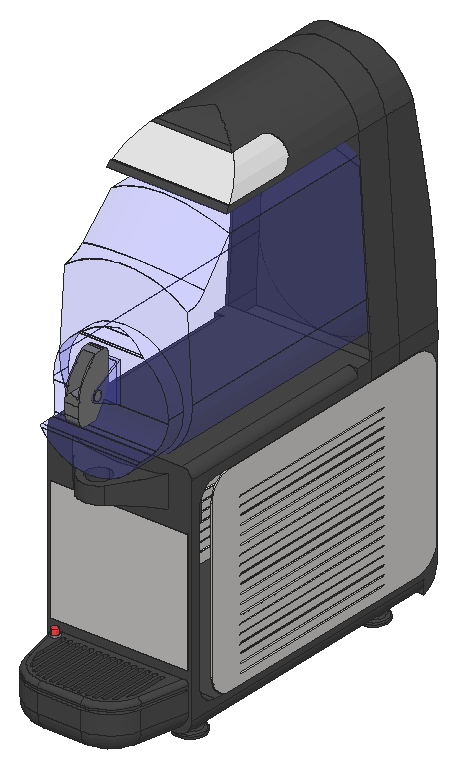
Revit family "QF_Vollrath_VCBF118-37", category Specialty Equipment, Revit 2016 (continued)
Definition of nested family "QF_Stoeling_FBG_Drain Dish"
  Automatic sketch dimensions
    plane 8 to curve 12 = 0.54293"
    curve 11 to plane 11 "Center LR" = 1.14436"
    plane 4 "FRONT" to curve 12 = 1.56768"
    plane 11 "Center LR" to curve 13 = 1.14436"
    plane 4 "FRONT" to curve 14 = 2.000"
    curve 14 to plane 9 = 0.54293"
    plane 1 "BACK" to curve 15 = 0.000"
    curve 15 to plane 9 = 0.000"
    plane 8 to curve 17 = 1.265"
    curve 17 to curve 19 = 0.125"
    plane 1 "BACK" to curve 18 = 0.500"
    plane 4 "FRONT" to curve 18 = 0.86495"
    curve 18 to curve 17 = 0.27743"
    curve 20 to curve 21 = 0.500"
    curve 21 to curve 23 = 0.1325"
    curve 23 to curve 22 = 0.1175"
    plane 4 "FRONT" to curve 22 = 0.51784"
    plane 1 "BACK" to curve 22 = 0.500"
    curve 24 to curve 26 = 0.500"
    curve 25 to curve 25 = 0.125"
    plane 4 "FRONT" to curve 26 = 0.500"
    curve 31 to plane 11 "Center LR" = 0.000"
    curve 29 to curve 31 = 0.125"
    plane 1 "BACK" to curve 30 = 0.500"
    curve 30 to curve 34 = 0.500"
    curve 33 to curve 33 = 0.125"
    plane 4 "FRONT" to curve 34 = 0.500"
    curve 36 to curve 38 = 0.500"
    curve 37 to curve 37 = 0.1175"
    curve 36 to curve 38 = 0.01784"
    curve 37 to curve 37 = 0.06125"
    plane 1 "BACK" to curve 38 = 0.500"
    curve 40 to curve 42 = 0.500"
    curve 41 to curve 41 = 0.125"
    curve 37 to curve 42 = 0.28586"
    curve 42 to curve 43 = 0.27743"
    Extrusion 3 sketch curve to plane 4 "FRONT" = 0.000"
    Extrusion 3 sketch curve to plane 11 "Center LR" = 0.000"
    plane 1 "BACK" to Extrusion 3 sketch curve = 0.000"
    Extrusion 3 sketch curve to plane 9 = 0.000"
    Extrusion 3 sketch curve to plane 8 = 0.000"
    plane 4 "FRONT" to Extrusion 3 sketch curve = 0.500"
    Extrusion 3 sketch curve to Extrusion 3 sketch curve = 0.000"  (x17)
    Extrusion 3 sketch curve to Extrusion 3 sketch curve = 0.06125"  (x2)
    Extrusion 3 sketch curve to Extrusion 3 sketch curve = 0.18889"
    Extrusion 3 sketch curve to Extrusion 3 sketch curve = 0.09697"  (x2)
    Extrusion 3 sketch curve to Extrusion 3 sketch curve = 0.27743"  (x2)
    Extrusion 3 sketch curve to plane 9 = 0.54293"
    Extrusion 3 sketch curve to Extrusion 3 sketch curve = 0.42531"  (x2)
    Extrusion 3 sketch curve to Extrusion 3 sketch curve = 0.31311"  (x2)
    Extrusion 3 sketch curve to Extrusion 3 sketch curve = 0.250"  (x7)
    Extrusion 3 sketch curve to Extrusion 3 sketch curve = 0.125"  (x17)
    Extrusion 3 sketch curve to Extrusion 3 sketch curve = 0.16435"  (x2)
    plane 11 "Center LR" to Extrusion 3 sketch curve = 0.125"
    Extrusion 3 sketch curve to Extrusion 3 sketch curve = 0.1175"
    Extrusion 3 sketch curve to Extrusion 3 sketch curve = 0.09607"
    Extrusion 3 sketch curve to Extrusion 3 sketch curve = 0.21557"  (x2)
    plane 1 "BACK" to Extrusion 3 sketch curve = 0.500"  (x5)
    Extrusion 3 sketch curve to plane 9 = 0.890"
    Extrusion 3 sketch curve to Extrusion 3 sketch curve = 0.08565"
    Extrusion 3 sketch curve to Extrusion 3 sketch curve = 0.34405"  (x2)
    Extrusion 3 sketch curve to plane 11 "Center LR" = 0.80031"
    Extrusion 3 sketch curve to Extrusion 3 sketch curve = 0.04861"
    Extrusion 3 sketch curve to Extrusion 3 sketch curve = 0.01784"  (x2)
    Extrusion 3 sketch curve to Extrusion 3 sketch curve = 0.12564"
    curve 46 to curve 17 = 0.375"
    curve 45 to curve 45 = 0.125"
    curve 45 to curve 17 = 0.000"
    curve 12 to curve 46 = 0.74543"
    curve 17 to curve 47 = 0.21557"
    curve 19 to curve 50 = 0.125"
    curve 49 to curve 49 = 0.125"
    curve 49 to curve 21 = 0.000"
    curve 50 to curve 20 = 0.09697"
    curve 23 to curve 51 = 0.04861"
    curve 22 to curve 54 = 0.125"
    curve 53 to curve 53 = 0.12564"
    curve 22 to curve 54 = 0.000"
    curve 53 to curve 28 = 0.125"
    curve 24 to curve 54 = 0.000"
    curve 55 to curve 25 = 0.000"
    curve 25 to curve 58 = 0.125"
    curve 57 to curve 57 = 0.125"
    curve 57 to curve 32 = 0.000"
    curve 27 to curve 58 = 0.000"
    curve 59 to curve 31 = 0.000"
    curve 30 to curve 62 = 0.125"
    curve 61 to curve 61 = 0.125"
    curve 30 to curve 62 = 0.000"  (x2)
    curve 63 to curve 33 = 0.000"
    curve 33 to curve 65 = 0.125"
    curve 65 to curve 66 = 0.125"
    curve 33 to curve 65 = 0.000"
    curve 36 to curve 65 = 0.000"
    curve 67 to curve 37 = 0.000"
    curve 37 to curve 70 = 0.125"
    curve 70 to curve 69 = 0.08565"
    curve 37 to curve 70 = 0.04861"
    curve 70 to curve 69 = 0.14028"
    curve 40 to curve 70 = 0.000"
    curve 71 to curve 41 = 0.000"
    curve 41 to curve 74 = 0.125"
    curve 73 to curve 73 = 0.125"
    curve 41 to curve 73 = 0.000"
    curve 44 to curve 74 = 0.21557"
    curve 15 to curve 75 = 0.74543"
    plane 1 "BACK" to Extrusion 6 sketch curve = 0.38831"
    plane 8 to Extrusion 6 sketch curve = 0.48912"
    radius of Extrusion 6 sketch curve = 0.250"
    radius of Extrusion 7 sketch curve to Extrusion 6 = 0.07321"
Definition of nested family "QF_Stoelting_FBG Tops_6 Liter - F"
  Parameters
    Width = 7.750"
    Watermarked By = ""
    Description = ""
  Reference planes (in)
    plane 1 "BACK": y = 0
    plane 2: z = 0
    plane 3 "LEFT": x = -16.54073
    plane 4 "FRONT": y = -19.5
    plane 5 "RIGHT": x = -8.79073
    plane 6 "TOP": z = 12.26
    plane 7 "Center LR": x = -12.66573
    plane 8 "Center Elev of Front": z = 3.9375
    plane 9 "Inside Back": y = -2.5625
    plane 10 "Handle Mount Back": y = -16.875
    plane 11: y = -15.875
    plane 12 "Spigot Cover Front": y = -18.5
    plane 13: y = -18.3125
    plane 14 "Spigot Cover Top": z = 1.375
    plane 15 "Spigot Cover Bottom": z = -1.25
    plane 16 "Spigot Cover Back": y = -15.5
    plane 17 "Spigot Cover Left": x = -15.85323
    plane 18 "Spigot Cover Right": x = -9.47823
    plane 19: z = 14.9475
    plane 20 "Upper Back": y = -4.375
    plane 21: y = -9.625
    plane 22 "Left Handle": x = -13.16573
    plane 23: x = -12.16573
    plane 24: z = 0.6875
  Forms (in)
    Extrusion 1, solid
      sketch origin (0, 0, -1.25) x (0, 1, 0) y (-1, 0, 0)
        loop
          line (-15.5, 8.97823) -> (-15.5, 16.35323) -> (-15.625, 16.35323) -> (-15.625, 15.79073) -> (-18.3125, 13.47823)
          arc (-18.3125, 13.47823) -> (-18.68526, 12.66573) -> (-18.3125, 11.85323) r 1.07188
          line (-18.3125, 11.85323) -> (-15.625, 9.54073) -> (-15.625, 8.97823) -> (-15.5, 8.97823)
        loop
          circle (-17.68526, 12.66573) r 0.625
      from 0 to 2.625
    Extrusion 2, void
      sketch origin (0, -15.5, 0) x (-1, 0, 0) y (0, 0, 1)
        loop
          line (16.35323, 1.375) -> (8.97823, 1.375)
          arc (8.97823, 1.375) -> (12.66573, 0.64114) -> (16.35323, 1.375) r 9.63135
        loop
          arc (16.35323, -1.25) -> (12.66573, -0.19999) -> (8.97823, -1.25) r 7
          line (8.97823, -1.25) -> (16.35323, -1.25)
      from 0 to -4
    Extrusion 3, solid
      sketch origin (0, -16.875, 0) x (-1, 0, 0) y (0, 0, 1)
        loop
          circle (12.66573, 3.9375) r 3.0625
      from -1.4375 to 1
    Extrusion 4, void
      sketch origin (-16.54073, 0, 0) x (0, 1, 0) y (0, 0, 1)
        loop
          line (-18.3125, 7) -> (-18.3125, 2.25)
          arc (-18.3125, 2.25) -> (-18.27589, 2.33839) -> (-18.1875, 2.375) r 0.125
          line (-18.1875, 2.375) -> (-17.45884, 2.375)
          arc (-17.45884, 2.375) -> (-17.33965, 2.40524) -> (-17.2493, 2.48864) r 0.25
          arc (-17.2493, 2.48864) -> (-16.97055, 3.09214) -> (-16.875, 3.75) r 2.3125
          line (-16.875, 3.75) -> (-16.875, 6.44822)
          arc (-16.875, 6.44822) -> (-16.86548, 6.49606) -> (-16.83839, 6.53661) r 0.125
          line (-16.83839, 6.53661) -> (-16.44822, 6.92678)
          arc (-16.44822, 6.92678) -> (-16.36712, 6.98097) -> (-16.27145, 7) r 0.25
          line (-16.27145, 7) -> (-18.3125, 7)
      from 0 to 7.75
    Extrusion 5, solid
      sketch origin (0, -2.5625, 0) x (1, 0, 0) y (0, 0, 1)
        loop
          arc (-16.22823, 4.375) -> (-12.66573, 0.8125) -> (-9.10323, 4.375) r 3.5625
          line (-9.10323, 4.375) -> (-9.54073, 11.51)
          arc (-9.54073, 11.51) -> (-9.59178, 11.88691) -> (-9.66573, 12.26) r 6.23123
          line (-9.66573, 12.26) -> (-15.66573, 12.26)
          arc (-15.66573, 12.26) -> (-15.73968, 11.88691) -> (-15.79073, 11.51) r 6.23123
          line (-15.79073, 11.51) -> (-16.22823, 4.375)
      from 0 to 13.3125
    Extrusion 6, void
      sketch origin (-16.54073, 0, 0) x (0, 1, 0) y (0, 0, 1)
        loop
          line (-15.875, 12.26) -> (-15.875, 9.94788)
          arc (-15.875, 9.94788) -> (-15.69424, 9.9894) -> (-15.54105, 10.09395) r 0.5
          line (-15.54105, 10.09395) -> (-13.375, 12.26) -> (-15.875, 12.26)
      from 0 to 7.75
    Sweep 7, void
      path origin (-12.66573, 0, 0) x (0, 1, 0) y (0, 0, 1)
        loop
          line (-2.5625, 12.26) -> (-13.375, 12.26) -> (-15.54067, 10.09433)
          arc (-15.54067, 10.09433) -> (-15.70288, 9.98594) -> (-15.89422, 9.94788) r 0.5
          line (-15.89422, 9.94788) -> (-16.875, 9.94788)
      profile origin (-12.66573, -14.45783, 11.17717) x (0, 0.707107, -0.707107) y (1, 0, 0)
        loop
          line (-0.35, -3.25612) -> (1.38358, -3.51227)
          arc (1.38358, -3.51227) -> (0.12799, 0) -> (1.38358, 3.51227) r 5.54022
          line (1.38358, 3.51227) -> (-0.35, 3.25612) -> (-0.35, -3.25612)
    Extrusion 8, solid
      sketch origin (0, 0, 0) x (1, 0, 0) y (0, 0, 1)
        loop
          line (-8.79073, 0.6875) -> (-8.79073, 1.625)
          arc (-8.79073, 1.625) -> (-8.96278, 6.9536) -> (-9.47823, 12.26) r 82.60064
          arc (-9.47823, 12.26) -> (-12.66573, 14.87569) -> (-15.85323, 12.26) r 3.25
          arc (-15.85323, 12.26) -> (-16.36867, 6.9536) -> (-16.54073, 1.625) r 82.60064
          line (-16.54073, 1.625) -> (-16.54073, 0.6875) -> (-8.79073, 0.6875)
      from 0 to 2.5625
    Extrusion 9, solid
      sketch origin (0, -2.5625, 0) x (1, 0, 0) y (0, 0, 1)
        loop
          line (-16.54073, 1.625) -> (-16.54073, 0.6875) -> (-8.79073, 0.6875) -> (-8.79073, 1.625)
          arc (-8.79073, 1.625) -> (-8.96278, 6.9536) -> (-9.47823, 12.26) r 82.60064
          arc (-9.47823, 12.26) -> (-12.66573, 14.87569) -> (-15.85323, 12.26) r 3.25
          arc (-15.85323, 12.26) -> (-16.36867, 6.9536) -> (-16.54073, 1.625) r 82.60064
        loop
          arc (-15.92388, 10.61882) -> (-16.29267, 6.12863) -> (-16.41573, 1.625) r 82.47564
          line (-16.41573, 1.625) -> (-16.41573, 0.8125) -> (-8.91573, 0.8125) -> (-8.91573, 1.625)
          arc (-8.91573, 1.625) -> (-9.03878, 6.12863) -> (-9.40757, 10.61882) r 82.47564
          arc (-9.40757, 10.61882) -> (-12.66573, 11.34232) -> (-15.92388, 10.61882) r 7.69803
      from 0 to 1.8125
    Extrusion 10, solid
      sketch origin (0, -4.375, 0) x (1, 0, 0) y (0, 0, 1)
        loop
          line (-15.85323, 12.26) -> (-9.47823, 12.26)
          arc (-9.47823, 12.26) -> (-12.66573, 14.87569) -> (-15.85323, 12.26) r 3.25
      from 0 to 8.81658
    Extrusion 11, void
      sketch origin (-16.54073, 0, 0) x (0, 1, 0) y (0, 0, 1)
        loop
          arc (-1.07639, 14.43884) -> (-0.3714, 7.57622) -> (0, 0.6875) r 142.23813
          line (0, 0.6875) -> (0, 14.87569) -> (-1.57238, 14.87569)
          arc (-1.57238, 14.87569) -> (-1.24191, 14.75091) -> (-1.07639, 14.43884) r 0.5
      from 0 to 7.75
    Extrusion 12, void
      sketch origin (-16.54073, 0, 0) x (0, 1, 0) y (0, 0, 1)
        loop
          line (-13.19158, 14.87569) -> (-13.19158, 12.26) -> (-12.96713, 12.50069) -> (-9.50408, 12.50069)
          arc (-9.50408, 12.50069) -> (-8.72283, 13.28194) -> (-9.50408, 14.06319) r 0.78125
          line (-9.50408, 14.06319) -> (-9.62908, 14.06319) -> (-11.51008, 14.06319) -> (-11.34549, 14.23969)
          arc (-11.34549, 14.23969) -> (-10.68028, 14.70981) -> (-9.88278, 14.87569) r 2
          line (-9.88278, 14.87569) -> (-13.19158, 14.87569)
      from 0 to 7.75
    Extrusion 13, solid
      sketch origin (-16.54073, 0, 0) x (0, 1, 0) y (0, 0, 1)
        loop
          line (-9.50408, 14.06319) -> (-11.42394, 14.06319) -> (-12.88099, 12.50069) -> (-9.50408, 12.50069)
          arc (-9.50408, 12.50069) -> (-8.72283, 13.28194) -> (-9.50408, 14.06319) r 0.78125
      from 0 to 7.75
    Extrusion 14, void
      sketch origin (0, -4.375, 0) x (1, 0, 0) y (0, 0, 1)
        loop
          line (-9.47823, 12.26) -> (-8.79073, 12.26) -> (-8.79073, 14.9475) -> (-16.54073, 14.9475) -> (-16.54073, 12.26) -> (-15.85323, 12.26)
          arc (-15.85323, 12.26) -> (-12.66573, 14.87569) -> (-9.47823, 12.26) r 3.25
      from 0 to 8.81658
    Extrusion 15, solid
      sketch origin (-13.16573, 0, 0) x (0, 1, 0) y (0, 0, 1)
        loop
          line (-16.875, 5.94822) -> (-18.5, 5.14911)
          arc (-18.5, 5.14911) -> (-18.68678, 4.84911) -> (-18.5, 4.54911) r 0.33431
          line (-18.5, 4.54911) -> (-16.875, 3.75) -> (-16.875, 5.94822)
        loop
          circle (-18.35247, 4.84911) r 0.25
      from 0 to 1
    Extrusion 16, void
      sketch origin (0, 0, -1.25) x (0, 1, 0) y (-1, 0, 0)
        loop
          line (-17, 12.29073) -> (-17, 13.04073) -> (-18.81026, 13.04073) -> (-18.81026, 12.29073) -> (-17, 12.29073)
      from 4.72951 to 7.509
    Extrusion 17, solid
      sketch origin (-13.16573, 0, 0) x (0, 1, 0) y (0, 0, 1)
        loop
          line (-17.85247, 6.87218) -> (-17.97136, 6.87218)
          arc (-17.97136, 6.87218) -> (-18.43871, 6.75625) -> (-18.79771, 6.43534) r 1
          line (-18.79771, 6.43534) -> (-19.1527, 5.91445)
          arc (-19.1527, 5.91445) -> (-19.4112, 5.37746) -> (-19.5, 4.78813) r 2
          line (-19.5, 4.78813) -> (-19.5, 4.20088)
          arc (-19.5, 4.20088) -> (-19.35355, 3.84733) -> (-19, 3.70088) r 0.5
          line (-19, 3.70088) -> (-18.48778, 3.70088)
          arc (-18.48778, 3.70088) -> (-18.36878, 3.73102) -> (-18.27848, 3.81417) r 0.25
          line (-18.27848, 3.81417) -> (-17.76525, 4.59991)
          arc (-17.76525, 4.59991) -> (-17.64403, 4.86148) -> (-17.60247, 5.14677) r 1
          line (-17.60247, 5.14677) -> (-17.60247, 6.62218)
          arc (-17.60247, 6.62218) -> (-17.67569, 6.79896) -> (-17.85247, 6.87218) r 0.25
      from 0.125 to 0.875
    Extrusion 18, void
      sketch origin (0, -19.5, 0) x (-1, 0, 0) y (0, 0, 1)
        loop
          line (12.97773, 5.09911) -> (12.97773, 6.8005)
          arc (12.97773, 6.8005) -> (12.66573, 6.80939) -> (12.35373, 6.8005) r 5.47722
          line (12.35373, 6.8005) -> (12.35373, 5.09911)
          arc (12.35373, 5.09911) -> (12.66573, 5.24885) -> (12.97773, 5.09911) r 0.39991
      from 0 to 2.23346
    Extrusion 19, void
      sketch origin (0, 0, -1.25) x (0, 1, 0) y (-1, 0, 0)
        loop
          circle (-19, 12.66573) r 0.25
      from 4.5916 to 5.625
  Cuts and joins
    Extrusion 2, Extrusion 16, Extrusion 19 cuts Extrusion 1
    Extrusion 4, Sweep 7, Extrusion 16, Extrusion 18, Extrusion 19 cuts Extrusion 3
    Extrusion 6, Sweep 7, Extrusion 16, Extrusion 18, Extrusion 19 cuts Extrusion 5
    joined: Extrusion 3, Extrusion 5
    Extrusion 12, Extrusion 14 cuts Extrusion 10
    joined: Extrusion 9, Extrusion 10
    Extrusion 14 cuts Extrusion 13
    Extrusion 16, Extrusion 18 cuts Extrusion 15
    Extrusion 18, Extrusion 19 cuts Extrusion 17
    Extrusion 11 cuts Extrusion 8
  Lines and regions (in)
    symbolic lines
      curve 1: line (-16.54073, 0, -1.25) -> (-8.79073, 0, -1.25)
      curve 2: line (-16.54073, 0, -1.25) -> (-16.54073, -4.375, -1.25)
      curve 3: line (-16.54073, -4.375, -1.25) -> (-16.22823, -4.375, -1.25)
      curve 4: line (-8.79073, 0, -1.25) -> (-8.79073, -4.375, -1.25)
      curve 5: line (-8.79073, -4.375, -1.25) -> (-9.10323, -4.375, -1.25)
      curve 6: line (-9.10323, -4.375, -1.25) -> (-9.10323, -15.5, -1.25)
      curve 7: line (-16.22823, -4.375, -1.25) -> (-16.22823, -15.5, -1.25)
      curve 8: line (-16.22823, -15.5, -1.25) -> (-16.35323, -15.5, -1.25)
      curve 9: line (-16.35323, -15.5, -1.25) -> (-16.35323, -15.625, -1.25)
      curve 10: line (-16.35323, -15.625, -1.25) -> (-16.22823, -15.625, -1.25)
      curve 11: line (-16.22823, -15.625, -1.25) -> (-16.22823, -15.875, -1.25)
      curve 12: line (-16.22823, -15.875, -1.25) -> (-15.72823, -15.875, -1.25)
      curve 13: line (-15.72823, -15.875, -1.25) -> (-15.72823, -16.87515, -1.25)
      curve 14: line (-9.10323, -15.5, -1.25) -> (-8.97823, -15.5, -1.25)
      curve 15: line (-8.97823, -15.5, -1.25) -> (-8.97823, -15.625, -1.25)
      curve 16: line (-8.97823, -15.625, -1.25) -> (-9.10323, -15.625, -1.25)
      curve 17: line (-9.10323, -15.625, -1.25) -> (-9.10323, -15.875, -1.25)
      curve 18: line (-9.10323, -15.875, -1.25) -> (-9.60318, -15.875, -1.25)
      curve 19: line (-9.60318, -15.875, -1.25) -> (-9.60318, -16.87482, -1.25)
      curve 20: line (-15.22139, -18.31128, -1.25) -> (-13.47927, -18.31128, -1.25)
      curve 21: arc (-13.47927, -18.31128, -1.25) -> (-12.66653, -18.68526, -1.25) -> (-11.85323, -18.3125, -1.25) r 1.07188
      curve 22: line (-11.85323, -18.3125, -1.25) -> (-10.11009, -18.3125, -1.25)
      curve 23: spline (-10.03184, -18.1966, -1.25) -> (-10.03385, -18.21328, -1.25) -> (-10.03695, -18.22936, -1.25) -> (-10.04108, -18.24459, -1.25) -> (-10.04618, -18.25873, -1.25) -> (-10.05219, -18.27156, -1.25) -> (-10.05899, -18.28288, -1.25) -> (-10.06649, -18.29253, -1.25) -> (-10.07456, -18.30033, -1.25) -> (-10.08309, -18.30619, -1.25) -> (-10.09194, -18.31, -1.25) -> (-10.10098, -18.3117, -1.25) -> (-10.11005, -18.31127, -1.25)
      curve 24: line (-10.03184, -17.45481, -1.25) -> (-10.03184, -18.1966, -1.25)
      curve 25: spline (-9.60318, -16.87482, -1.25) -> (-9.61035, -16.87509, -1.25) -> (-9.62203, -16.88126, -1.25) -> (-9.63818, -16.89329, -1.25) -> (-9.65872, -16.91116, -1.25) -> (-9.68361, -16.93479, -1.25) -> (-9.71273, -16.9641, -1.25) -> (-9.746, -16.99899, -1.25) -> (-9.78329, -17.03933, -1.25) -> (-9.82446, -17.08497, -1.25) -> (-9.86938, -17.13577, -1.25) -> (-9.91788, -17.19152, -1.25) -> (-9.96979, -17.25204, -1.25)
      curve 26: spline (-9.96979, -17.25204, -1.25) -> (-9.97818, -17.26288, -1.25) -> (-9.98616, -17.27518, -1.25) -> (-9.99364, -17.28885, -1.25) -> (-10.00059, -17.30379, -1.25) -> (-10.00696, -17.3199, -1.25) -> (-10.01269, -17.33706, -1.25) -> (-10.01775, -17.35515, -1.25) -> (-10.02209, -17.37404, -1.25) -> (-10.0257, -17.39359, -1.25) -> (-10.02854, -17.41366, -1.25) -> (-10.03059, -17.43412, -1.25) -> (-10.03184, -17.45481, -1.25)
      curve 27: spline (-15.22139, -18.31128, -1.25) -> (-15.23068, -18.31171, -1.25) -> (-15.23988, -18.31007, -1.25) -> (-15.24886, -18.30639, -1.25) -> (-15.25747, -18.30072, -1.25) -> (-15.26559, -18.29314, -1.25) -> (-15.27309, -18.28378, -1.25) -> (-15.27986, -18.27277, -1.25) -> (-15.28579, -18.26028, -1.25) -> (-15.29081, -18.2465, -1.25) -> (-15.29482, -18.23163, -1.25) -> (-15.29778, -18.2159, -1.25) -> (-15.29964, -18.19955, -1.25)
      curve 28: line (-15.29964, -18.19955, -1.25) -> (-15.29964, -17.45197, -1.25)
      curve 29: spline (-15.36151, -17.25225, -1.25) -> (-15.41106, -17.19154, -1.25) -> (-15.4576, -17.13564, -1.25) -> (-15.50098, -17.08475, -1.25) -> (-15.54104, -17.03905, -1.25) -> (-15.57765, -16.9987, -1.25) -> (-15.61068, -16.96383, -1.25) -> (-15.64002, -16.93456, -1.25) -> (-15.66556, -16.91101, -1.25) -> (-15.68722, -16.89323, -1.25) -> (-15.70492, -16.88131, -1.25) -> (-15.71861, -16.87528, -1.25) -> (-15.72823, -16.87515, -1.25)
      curve 30: spline (-15.29964, -17.45197, -1.25) -> (-15.30068, -17.43156, -1.25) -> (-15.30255, -17.4114, -1.25) -> (-15.30524, -17.39163, -1.25) -> (-15.30873, -17.37239, -1.25) -> (-15.313, -17.3538, -1.25) -> (-15.31801, -17.336, -1.25) -> (-15.32374, -17.31912, -1.25) -> (-15.33014, -17.30326, -1.25) -> (-15.33717, -17.28855, -1.25) -> (-15.34478, -17.27509, -1.25) -> (-15.35291, -17.26296, -1.25) -> (-15.36151, -17.25225, -1.25)
      curve 31: line (-13.16573, -18.56149, -1.25) -> (-13.16573, -18.68678, -1.25)
      curve 32: line (-13.04073, -18.68678, -1.25) -> (-13.04073, -19.5, -1.25)
      curve 33: line (-12.29073, -19.5, -1.25) -> (-12.29073, -18.68678, -1.25)
      curve 34: line (-12.16573, -18.68678, -1.25) -> (-12.16573, -18.56149, -1.25)
      curve 35: line (-13.04073, -19.5, -1.25) -> (-12.29073, -19.5, -1.25)
      curve 36: line (-13.16573, -18.68678, -1.25) -> (-13.04073, -18.68678, -1.25)
      curve 37: line (-12.16573, -18.68678, -1.25) -> (-12.29073, -18.68678, -1.25)
  Dimensions and locks (in)
    equal spacing: plane 3 "LEFT", plane 7 "Center LR", plane 5 "RIGHT"
    "Width": plane 3 "LEFT" to plane 5 "RIGHT"
    locked: plane 4 "FRONT" to plane 1 "BACK" at 19.5
    plane 6 "TOP" to plane 2 = 12.260"
    locked: plane 8 "Center Elev of Front" to level at 3.9375
    locked: plane 9 "Inside Back" to plane 1 "BACK" at 2.5625
    locked: plane 12 "Spigot Cover Front" to plane 4 "FRONT" at 1
    locked: plane 10 "Handle Mount Back" to plane 4 "FRONT" at 2.625
    locked: plane 11 to plane 10 "Handle Mount Back" at 1
    locked: plane 10 "Handle Mount Back" to plane 13 at 1.4375
    locked: plane 14 "Spigot Cover Top" to level at 1.375
    locked: level to plane 15 "Spigot Cover Bottom" at 1.25
    locked: plane 16 "Spigot Cover Back" to plane 12 "Spigot Cover Front" at 3
    locked: plane 3 "LEFT" to plane 17 "Spigot Cover Left" at 0.6875
    locked: plane 18 "Spigot Cover Right" to plane 5 "RIGHT" at 0.6875
    locked: plane 19 to plane 6 "TOP" at 2.6875
    locked: plane 20 "Upper Back" to plane 9 "Inside Back" at 1.8125
    locked: plane 21 to plane 20 "Upper Back" at 5.25
    equal spacing: plane 22 "Left Handle", plane 7 "Center LR", plane 23
    locked: plane 24 to level at 0.6875
    plane 19 to plane 24 = 14.260"
    aligned and locked: level to plane 2
    aligned and locked: plane 14 "Spigot Cover Top" to Extrusion 1
    aligned and locked: plane 5 "RIGHT" to Extrusion 4
    aligned and locked: Extrusion 5 to plane 11
    aligned and locked: plane 5 "RIGHT" to Extrusion 6
    aligned and locked: plane 9 "Inside Back" to Extrusion 8
    aligned and locked: plane 20 "Upper Back" to Extrusion 9
    aligned and locked: plane 5 "RIGHT" to Extrusion 12
    aligned and locked: plane 5 "RIGHT" to Extrusion 13
    aligned and locked: plane 23 to Extrusion 15
  Automatic sketch dimensions
    Extrusion 1 sketch curve to plane 7 "Center LR" = 0.000"  (x2)
    Extrusion 1 sketch curve to plane 13 = 0.000"  (x2)
    Extrusion 1 sketch curve to plane 16 "Spigot Cover Back" = 0.000"
    plane 12 "Spigot Cover Front" to Extrusion 1 sketch curve = 0.81474"
    plane 13 to Extrusion 1 sketch curve = 0.69913"
    Extrusion 1 sketch curve to plane 16 "Spigot Cover Back" = 0.125"  (x2)
    plane 7 "Center LR" to Extrusion 1 sketch curve = 0.8125"
    Extrusion 1 sketch curve to plane 18 "Spigot Cover Right" = 0.0625"
    Extrusion 1 sketch curve to plane 5 "RIGHT" = 0.1875"
    plane 17 "Spigot Cover Left" to Extrusion 1 sketch curve = 0.0625"
    plane 3 "LEFT" to Extrusion 1 sketch curve = 0.1875"
    Extrusion 2 sketch curve to plane 14 "Spigot Cover Top" = 0.000"
    Extrusion 2 sketch curve to plane 15 "Spigot Cover Bottom" = 0.000"
    Extrusion 2 sketch curve to plane 7 "Center LR" = 0.000"  (x2)
    Extrusion 2 sketch curve to plane 5 "RIGHT" = 0.1875"  (x2)
    Extrusion 2 sketch curve to plane 15 "Spigot Cover Bottom" = 5.94999"
    Extrusion 2 sketch curve to plane 6 "TOP" = 1.98751"
    Extrusion 3 sketch curve to plane 7 "Center LR" = 0.000"
    Extrusion 3 sketch curve to plane 8 "Center Elev of Front" = 0.000"
    Extrusion 4 sketch curve to plane 13 = 0.000"
    Extrusion 4 sketch curve to plane 10 "Handle Mount Back" = 0.000"
    plane 4 "FRONT" to Extrusion 4 sketch curve = 0.3125"
    plane 13 to Extrusion 4 sketch curve = 0.125"
    Extrusion 4 sketch curve to plane 10 "Handle Mount Back" = 0.58384"
    plane 10 "Handle Mount Back" to Extrusion 4 sketch curve = 0.03661"
    Extrusion 4 sketch curve to Extrusion 4 sketch curve = 0.08839"
    plane 10 "Handle Mount Back" to Extrusion 4 sketch curve = 0.42678"
    Extrusion 4 sketch curve to Extrusion 4 sketch curve = 0.17678"  (x2)
    plane 14 "Spigot Cover Top" to Extrusion 4 sketch curve = 0.875"
    Extrusion 4 sketch curve to Extrusion 4 sketch curve = 0.250"
    Extrusion 4 sketch curve to plane 8 "Center Elev of Front" = 0.1875"
    plane 8 "Center Elev of Front" to Extrusion 4 sketch curve = 2.51072"
    Extrusion 4 sketch curve to Extrusion 4 sketch curve = 0.30178"
    Extrusion 5 sketch curve to plane 6 "TOP" = 0.000"
    Extrusion 5 sketch curve to plane 7 "Center LR" = 0.000"
    plane 17 "Spigot Cover Left" to Extrusion 5 sketch curve = 0.1875"
    plane 17 "Spigot Cover Left" to Extrusion 5 sketch curve = 0.115"
    plane 17 "Spigot Cover Left" to Extrusion 5 sketch curve = 0.0625"
    plane 3 "LEFT" to Extrusion 5 sketch curve = 0.3125"
    Extrusion 5 sketch curve to plane 18 "Spigot Cover Right" = 0.1875"
    Extrusion 5 sketch curve to plane 18 "Spigot Cover Right" = 0.115"
    Extrusion 5 sketch curve to plane 18 "Spigot Cover Right" = 0.0625"
    Extrusion 5 sketch curve to plane 6 "TOP" = 0.750"
    Extrusion 5 sketch curve to Extrusion 5 sketch curve = 0.6475"
    plane 8 "Center Elev of Front" to Extrusion 5 sketch curve = 0.4375"
    Extrusion 6 sketch curve to plane 11 = 0.000"
    Extrusion 6 sketch curve to plane 6 "TOP" = 0.000"
    Extrusion 6 sketch curve to plane 11 = 0.01961"
    Extrusion 6 sketch curve to plane 16 "Spigot Cover Back" = 0.04105"
    plane 16 "Spigot Cover Back" to Extrusion 6 sketch curve = 2.125"
    Extrusion 6 sketch curve to plane 6 "TOP" = 1.8125"
    Extrusion 6 sketch curve to Extrusion 6 sketch curve = 0.35355"
    Sweep 7 sketch curve to plane 10 "Handle Mount Back" = 0.000"
    Sweep 7 sketch curve to plane 6 "TOP" = 0.000"
    Sweep 7 sketch curve to plane 9 "Inside Back" = 0.000"
    Sweep 7 sketch curve to plane 11 = 0.01922"
    plane 16 "Spigot Cover Back" to Sweep 7 sketch curve = 2.125"
    Sweep 7 sketch curve to plane 6 "TOP" = 1.81212"
    Sweep 7 sketch curve to plane 16 "Spigot Cover Back" = 0.04067"
    Sweep 7 sketch curve to Sweep 7 sketch curve = 0.35355"
    Sweep 7 sketch curve to profile plane = 1.38358"  (x2)
    profile plane to Sweep 7 sketch curve = 0.350"
    Extrusion 8 sketch curve to plane 3 "LEFT" = 0.000"
    Extrusion 8 sketch curve to plane 6 "TOP" = 0.000"  (x2)
    Extrusion 8 sketch curve to plane 17 "Spigot Cover Left" = 0.000"
    Extrusion 8 sketch curve to plane 7 "Center LR" = 0.000"
    Extrusion 8 sketch curve to plane 5 "RIGHT" = 0.000"
    plane 14 "Spigot Cover Top" to Extrusion 8 sketch curve = 0.250"  (x2)
    level to Extrusion 8 sketch curve = 0.6875"
    Extrusion 8 sketch curve to plane 6 "TOP" = 0.63431"
    plane 7 "Center LR" to Sweep 7 sketch curve = 3.25612"
    Sweep 7 sketch curve to plane 7 "Center LR" = 0.000"
    Sweep 7 sketch curve to Sweep 7 sketch curve = 4.28463"
    Sweep 7 sketch curve to Sweep 7 sketch curve = 0.25614"  (x2)
    Extrusion 9 sketch curve to Extrusion 9 sketch curve = 0.000"  (x4)
    Extrusion 9 sketch curve to plane 3 "LEFT" = 0.000"
    Extrusion 9 sketch curve to plane 6 "TOP" = 0.000"  (x2)
    Extrusion 9 sketch curve to plane 17 "Spigot Cover Left" = 0.000"
    Extrusion 9 sketch curve to plane 7 "Center LR" = 0.000"  (x2)
    Extrusion 9 sketch curve to plane 5 "RIGHT" = 0.000"
    plane 14 "Spigot Cover Top" to Extrusion 9 sketch curve = 0.250"  (x2)
    Extrusion 9 sketch curve to Extrusion 9 sketch curve = 0.125"  (x3)
    level to Extrusion 9 sketch curve = 0.6875"
    Extrusion 9 sketch curve to plane 8 "Center Elev of Front" = 0.29321"
    Extrusion 9 sketch curve to plane 6 "TOP" = 0.63431"
    Extrusion 9 sketch curve to plane 17 "Spigot Cover Left" = 0.07065"
    Extrusion 10 sketch curve to plane 6 "TOP" = 0.000"
    Extrusion 10 sketch curve to plane 17 "Spigot Cover Left" = 0.000"
    Extrusion 10 sketch curve to plane 7 "Center LR" = 0.000"
    Extrusion 10 sketch curve to plane 6 "TOP" = 0.63431"
    Extrusion 12 sketch curve to plane 6 "TOP" = 0.000"
    plane 16 "Spigot Cover Back" to Extrusion 12 sketch curve = 2.30842"
    Extrusion 12 sketch curve to plane 19 = 0.70781"
    Extrusion 12 sketch curve to plane 19 = 0.07181"
    plane 6 "TOP" to Extrusion 12 sketch curve = 0.24069"
    Extrusion 12 sketch curve to Extrusion 12 sketch curve = 0.3787"
    Extrusion 12 sketch curve to Extrusion 12 sketch curve = 0.40625"
    Extrusion 12 sketch curve to Extrusion 12 sketch curve = 0.125"
    Extrusion 12 sketch curve to Extrusion 12 sketch curve = 0.1765"
    Extrusion 12 sketch curve to Extrusion 12 sketch curve = 1.68151"
    Extrusion 12 sketch curve to Extrusion 12 sketch curve = 1.45705"
    Extrusion 12 sketch curve to Extrusion 12 sketch curve = 0.16459"
    plane 6 "TOP" to Extrusion 13 sketch curve = 0.24069"
    plane 20 "Upper Back" to Extrusion 13 sketch curve = 5.12908"
    Extrusion 13 sketch curve to Extrusion 13 sketch curve = 0.78125"
    Extrusion 13 sketch curve to Extrusion 13 sketch curve = 1.91985"
    Extrusion 13 sketch curve to Extrusion 13 sketch curve = 1.45705"
    Extrusion 14 sketch curve to plane 3 "LEFT" = 0.000"
    Extrusion 14 sketch curve to plane 17 "Spigot Cover Left" = 0.000"
    Extrusion 14 sketch curve to plane 7 "Center LR" = 0.000"
    Extrusion 14 sketch curve to plane 6 "TOP" = 0.000"
    Extrusion 14 sketch curve to plane 18 "Spigot Cover Right" = 0.000"
    Extrusion 14 sketch curve to plane 5 "RIGHT" = 0.000"
    Extrusion 14 sketch curve to plane 19 = 0.000"
    Extrusion 14 sketch curve to plane 6 "TOP" = 0.63431"
    Extrusion 15 sketch curve to Extrusion 15 sketch curve = 0.000"  (x2)
    Extrusion 15 sketch curve to plane 12 "Spigot Cover Front" = 0.000"  (x2)
    Extrusion 15 sketch curve to plane 10 "Handle Mount Back" = 0.000"
    Extrusion 15 sketch curve to plane 13 = 0.03997"
    Extrusion 15 sketch curve to plane 8 "Center Elev of Front" = 0.1875"
    plane 8 "Center Elev of Front" to Extrusion 15 sketch curve = 0.61161"
    Extrusion 15 sketch curve to Extrusion 15 sketch curve = 0.300"
    Extrusion 15 sketch curve to Extrusion 15 sketch curve = 0.79911"
    Extrusion 17 sketch curve to plane 4 "FRONT" = 0.000"
    plane 4 "FRONT" to Extrusion 17 sketch curve = 0.3473"
    plane 4 "FRONT" to Extrusion 17 sketch curve = 0.500"
    Extrusion 17 sketch curve to plane 12 "Spigot Cover Front" = 0.29771"
    Extrusion 17 sketch curve to plane 12 "Spigot Cover Front" = 0.10247"
    plane 12 "Spigot Cover Front" to Extrusion 17 sketch curve = 0.01222"
    plane 13 to Extrusion 17 sketch curve = 0.03402"
    plane 13 to Extrusion 17 sketch curve = 0.34114"
    Extrusion 17 sketch curve to Extrusion 17 sketch curve = 0.11889"
    plane 13 to Extrusion 17 sketch curve = 0.54725"
    Extrusion 17 sketch curve to Extrusion 17 sketch curve = 0.16278"
    Extrusion 17 sketch curve to Extrusion 17 sketch curve = 0.26525"
    Extrusion 17 sketch curve to plane 8 "Center Elev of Front" = 0.12333"
    plane 8 "Center Elev of Front" to Extrusion 17 sketch curve = 0.01338"
    plane 8 "Center Elev of Front" to Extrusion 17 sketch curve = 0.66241"
    Extrusion 17 sketch curve to Extrusion 17 sketch curve = 0.58725"
    Extrusion 17 sketch curve to Extrusion 17 sketch curve = 0.72541"
    Extrusion 17 sketch curve to Extrusion 17 sketch curve = 0.52089"
    plane 22 "Left Handle" to Extrusion 16 sketch curve = 0.125"
    Extrusion 16 sketch curve to plane 10 "Handle Mount Back" = 0.125"
    Extrusion 16 sketch curve to plane 12 "Spigot Cover Front" = 0.31026"
    Extrusion 16 sketch curve to plane 23 = 0.125"
    Extrusion 18 sketch curve to plane 7 "Center LR" = 0.000"  (x2)
    Extrusion 18 sketch curve to plane 14 "Spigot Cover Top" = 0.04283"
    plane 8 "Center Elev of Front" to Extrusion 18 sketch curve = 0.91144"
    Extrusion 18 sketch curve to Extrusion 18 sketch curve = 0.25017"
    plane 22 "Left Handle" to Extrusion 18 sketch curve = 0.188"
    Extrusion 18 sketch curve to plane 23 = 0.188"
    Extrusion 18 sketch curve to Extrusion 18 sketch curve = 1.70139"
    Extrusion 19 sketch curve to plane 7 "Center LR" = 0.000"
    Extrusion 19 sketch curve to plane 12 "Spigot Cover Front" = 0.500"
    curve 35 to plane 4 "FRONT" = 0.000"
    curve 31 to plane 22 "Left Handle" = 0.000"
    curve 34 to plane 23 = 0.000"
    curve 22 to plane 13 = 0.000"
    curve 21 to plane 7 "Center LR" = 0.000"
    curve 11 to plane 11 = 0.000"
    curve 19 to plane 11 = 0.000"
    curve 8 to plane 16 "Spigot Cover Back" = 0.000"
    curve 15 to plane 16 "Spigot Cover Back" = 0.000"
    plane 20 "Upper Back" to curve 7 = 0.000"
    plane 20 "Upper Back" to curve 6 = 0.000"
    plane 1 "BACK" to curve 2 = 0.000"
    curve 1 to plane 5 "RIGHT" = 0.000"
    curve 3 to plane 3 "LEFT" = 0.000"
    curve 36 to plane 12 "Spigot Cover Front" = 0.18678"
    curve 34 to plane 12 "Spigot Cover Front" = 0.18678"
    plane 13 to curve 20 = 0.00122"
    plane 13 to curve 28 = 0.11295"
    plane 13 to curve 24 = 0.1159"
    curve 24 to plane 10 "Handle Mount Back" = 0.57981"
    curve 28 to plane 10 "Handle Mount Back" = 0.57697"
    curve 13 to plane 10 "Handle Mount Back" = 0.00015"
    plane 10 "Handle Mount Back" to curve 19 = 0.00018"
    curve 15 to plane 16 "Spigot Cover Back" = 0.125"
    curve 10 to plane 16 "Spigot Cover Back" = 0.125"
    curve 14 to plane 5 "RIGHT" = 0.1875"
    curve 4 to curve 5 = 0.3125"
    curve 17 to curve 6 = 0.000"
    curve 19 to plane 18 "Spigot Cover Right" = 0.12496"
    curve 24 to plane 18 "Spigot Cover Right" = 0.55362"
    plane 23 to curve 22 = 0.3125"
    curve 35 to plane 23 = 0.125"
    plane 22 "Left Handle" to curve 32 = 0.125"
    plane 17 "Spigot Cover Left" to curve 20 = 0.63184"
    curve 27 to curve 28 = 0.07825"
    plane 17 "Spigot Cover Left" to curve 13 = 0.125"
    plane 3 "LEFT" to curve 10 = 0.3125"
    curve 8 to curve 10 = 0.000"
    curve 7 to curve 9 = 0.125"
    curve 29 to plane 12 "Spigot Cover Front" = 0.08713"
    curve 34 to plane 12 "Spigot Cover Front" = 0.06149"
    curve 25 to plane 12 "Spigot Cover Front" = 0.02629"
    plane 13 to curve 23 = 0.0007"
    plane 13 to curve 27 = 0.00072"
    plane 13 to curve 23 = 0.00123"
    curve 28 to curve 27 = 0.02488"
    curve 23 to curve 23 = 0.02198"
    curve 30 to curve 28 = 0.01493"
    curve 26 to curve 26 = 0.01198"
    curve 30 to curve 29 = 0.19972"
    curve 26 to curve 25 = 0.20277"
    curve 29 to curve 30 = 0.03093"
    curve 26 to curve 26 = 0.03084"
    curve 29 to plane 10 "Handle Mount Back" = 0.00117"
    curve 25 to plane 10 "Handle Mount Back" = 0.00018"
    curve 25 to curve 19 = 0.00054"
    curve 23 to curve 23 = 0.07184"
    curve 23 to curve 22 = 0.00004"
    curve 29 to curve 20 = 0.6804"
    Extrusion 11 sketch curve to plane 1 "BACK" = 0.000"
    Extrusion 11 sketch curve to plane 24 = 0.000"
    Extrusion 11 sketch curve to plane 9 "Inside Back" = 0.99012"
    Extrusion 11 sketch curve to plane 15 "Spigot Cover Bottom" = 2.27351"
    Extrusion 11 sketch curve to plane 19 = 0.57181"
    Extrusion 11 sketch curve to Extrusion 11 sketch curve = 0.000"  (x2)
    Extrusion 11 sketch curve to plane 19 = 0.07181"
    Extrusion 11 sketch curve to plane 4 "FRONT" = 122.67578"
    radius of Extrusion 1 sketch curve = 0.625"
    radius of Extrusion 3 sketch curve = 3.0625"
    radius of Extrusion 15 sketch curve = 0.250"
    radius of Extrusion 19 sketch curve = 0.250"
